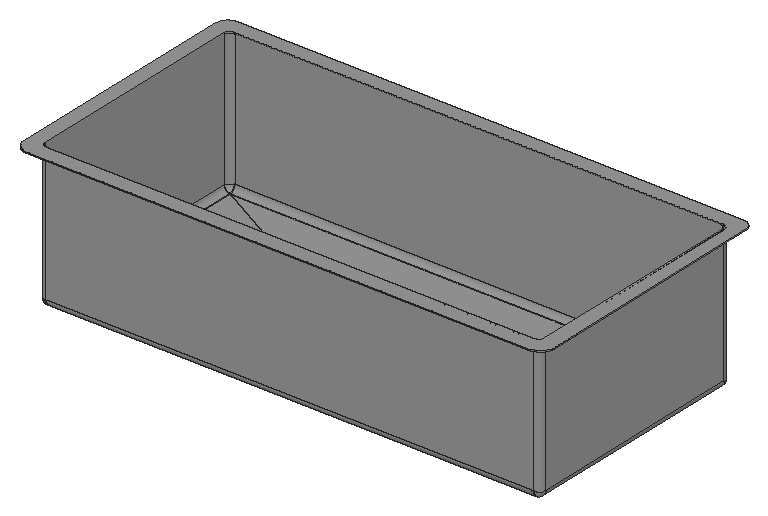
Revit family "BUILDMAT-SNGM017-Seville-900-Gunmetal", category Plumbing Fixtures, host Face, Revit 2020
Family settings
  Host = Face
  Round Connector Dimension = Use Diameter
  Part Type = Normal
  Cut with Voids When Loaded = No
  Shared = No
  Room Calculation Point = No
Parameters (values of type "Seville 900x450x250mm")
  Width = 850.0 mm
  Undermount [instance] = 0.0 mm
  URL = "https://www.buildmat.com.au/products/900x450x250-single-bowl-sink"
  Side Sound Pad = yes
  Side Brackets = yes
  Model = "SNA01017"  # constant formula
  Middle Sound Pad = no
  Middle Bracket = yes
  Manufacturer URL = "https://www.buildmat.com.au/"
  Manufacturer = "BUILDMAT"  # constant formula
  Length = 400.0 mm
  Description = "BUILDMAT - Seville 900x450 XXLarge Single Bowl Sink"  # constant formula
  Depth = 250.0 mm
  Default Elevation = 1219.2 mm
  Created By URL = "https://www.buildmat.com.au/"
  Created By = "BUILDMAT"  # constant formula
  Created = "22.06.2022"  # constant formula
  Material = BUILDMAT Gunmetal
Reference planes
  plane 1 "Center (Front/Back)": y = 0
  plane 2: z = 0
  plane 3 "Center (Left/Right)": x = 0
  plane 4 "Top Substrate": z = 0
  plane 5 "Left": x = -425
  plane 6 "Right": x = 425
  plane 7 "Back": y = 200
  plane 8 "Front": y = -200
  plane 9: x = -450
  plane 10: x = 450
  plane 11: y = -225
  plane 12: y = 225
  plane 13 "Bottom Void": z = -250
  plane 14: z = 1.5
  plane 15: x = -426.5
  plane 16: y = -201.5
  plane 17: x = 426.5
  plane 18: y = 201.5
  plane 19: z = -240
  plane 20: z = -230
  plane 21: x = -415
  plane 22: x = 415
  plane 23: y = -190
  plane 24: y = 190
  plane 25: z = -245
  plane 26: z = -241.5
  plane 27: z = -246.5
  plane 28: x = -100
  plane 29: x = 100
  plane 30 "Sound Pad": z = -130
  plane 31 "Front Bracket": y = -100
  plane 32 "Back Bracket": y = 100
  plane 33: x = -325
  plane 34: x = 325
  plane 35: x = -57
  plane 36: x = 57
  plane 37: x = -45
  plane 38: x = 45
Forms (mm)
  Extrusion 1, void
    sketch origin (0, 0, 0) x (1, 0, 0) y (0, 1, 0)
      loop
        arc (-415, 200) -> (-422.071, 197.071) -> (-425, 190) r 10
        line (-425, 190) -> (-425, -190)
        arc (-425, -190) -> (-422.071, -197.071) -> (-415, -200) r 10
        line (-415, -200) -> (415, -200)
        arc (415, -200) -> (422.071, -197.071) -> (425, -190) r 10
        line (425, -190) -> (425, 190)
        arc (425, 190) -> (422.071, 197.071) -> (415, 200) r 10
        line (415, 200) -> (-415, 200)
    from 0 to 1.5
  Extrusion 2, void
    sketch origin (0, 0, 0) x (1, 0, 0) y (0, 1, 0)
      loop
        line (-426.5, 201.5) -> (-426.5, -201.5) -> (426.5, -201.5) -> (426.5, 201.5) -> (-426.5, 201.5)
    from 0 to -250
  Extrusion 3, void
    sketch origin (0, 0, 0) x (1, 0, 0) y (0, 1, 0)
      loop
        arc (-430, 225) -> (-444.142, 219.142) -> (-450, 205) r 20
        line (-450, 205) -> (-450, -205)
        arc (-450, -205) -> (-444.142, -219.142) -> (-430, -225) r 20
        line (-430, -225) -> (430, -225)
        arc (430, -225) -> (444.142, -219.142) -> (450, -205) r 20
        line (450, -205) -> (450, 205)
        arc (450, 205) -> (444.142, 219.142) -> (430, 225) r 20
        line (430, 225) -> (-430, 225)
    from 1.5 to 0
  Extrusion 4, solid, material "BUILDMAT Gunmetal" <- "Material"
    sketch origin (0, 0, 0) x (-1, 0, 0) y (0, -1, 0)
      loop
        arc (430, -225) -> (444.142, -219.142) -> (450, -205) r 20
        line (450, -205) -> (450, 205)
        arc (450, 205) -> (444.142, 219.142) -> (430, 225) r 20
        line (430, 225) -> (-430, 225)
        arc (-430, 225) -> (-444.142, 219.142) -> (-450, 205) r 20
        line (-450, 205) -> (-450, -205)
        arc (-450, -205) -> (-444.142, -219.142) -> (-430, -225) r 20
        line (-430, -225) -> (430, -225)
      loop
        arc (415, -200) -> (422.071, -197.071) -> (425, -190) r 10
        line (425, -190) -> (425, 190)
        arc (425, 190) -> (422.071, 197.071) -> (415, 200) r 10
        line (415, 200) -> (-415, 200)
        arc (-415, 200) -> (-422.071, 197.071) -> (-425, 190) r 10
        line (-425, 190) -> (-425, -190)
        arc (-425, -190) -> (-422.071, -197.071) -> (-415, -200) r 10
        line (-415, -200) -> (415, -200)
    from 0 to 1.5
  Extrusion 5, solid, material "BUILDMAT Gunmetal" <- "Material"
    sketch origin (0, 0, 0) x (-1, 0, 0) y (0, -1, 0)
      loop
        arc (415, -201.5) -> (423.132, -198.132) -> (426.5, -190) r 11.5
        line (426.5, -190) -> (426.5, 190)
        arc (426.5, 190) -> (423.132, 198.132) -> (415, 201.5) r 11.5
        line (415, 201.5) -> (-415, 201.5)
        arc (-415, 201.5) -> (-423.132, 198.132) -> (-426.5, 190) r 11.5
        line (-426.5, 190) -> (-426.5, -190)
        arc (-426.5, -190) -> (-423.132, -198.132) -> (-415, -201.5) r 11.5
        line (-415, -201.5) -> (415, -201.5)
      loop
        arc (-415, 200) -> (-422.071, 197.071) -> (-425, 190) r 10
        line (-425, 190) -> (-425, -190)
        arc (-425, -190) -> (-422.071, -197.071) -> (-415, -200) r 10
        line (-415, -200) -> (415, -200)
        arc (415, -200) -> (422.071, -197.071) -> (425, -190) r 10
        line (425, -190) -> (425, 190)
        arc (425, 190) -> (422.071, 197.071) -> (415, 200) r 10
        line (415, 200) -> (-415, 200)
    from 0 to -230
  Revolve 6, solid, material "BUILDMAT Gunmetal" <- "Material"
    sketch origin (-175.162, 190, 1219.2) x (-1, 0, 0) y (0, 0, 1)
      loop
        line (-600.162, -1449.2) -> (-601.662, -1449.2)
        arc (-601.662, -1449.2) -> (-598.293, -1457.332) -> (-590.162, -1460.7) r 11.5
        line (-590.162, -1460.7) -> (-590.162, -1459.2)
        arc (-590.162, -1459.2) -> (-597.233, -1456.271) -> (-600.162, -1449.2) r 10
      axis (-590.162, -1460.7) -> (-590.162, -1449.2)
    angle from 0 to -90
  Revolve 7, solid, material "BUILDMAT Gunmetal" <- "Material"
    sketch origin (-175.162, 190, 1219.2) x (-1, 0, 0) y (0, 0, 1)
      loop
        arc (249.838, -1449.2) -> (246.909, -1456.271) -> (239.838, -1459.2) r 10
        line (239.838, -1459.2) -> (239.838, -1460.7)
        arc (239.838, -1460.7) -> (247.97, -1457.332) -> (251.338, -1449.2) r 11.5
        line (251.338, -1449.2) -> (249.838, -1449.2)
      axis (239.838, -1449.2) -> (239.838, -1460.7)
    angle from 0 to -90
  Revolve 8, solid, material "BUILDMAT Gunmetal" <- "Material"
    sketch origin (-175.162, -190, 1219.2) x (-1, 0, 0) y (0, 0, 1)
      loop
        arc (249.838, -1449.2) -> (246.909, -1456.271) -> (239.838, -1459.2) r 10
        line (239.838, -1459.2) -> (239.838, -1460.7)
        arc (239.838, -1460.7) -> (247.97, -1457.332) -> (251.338, -1449.2) r 11.5
        line (251.338, -1449.2) -> (249.838, -1449.2)
      axis (239.838, -1449.2) -> (239.838, -1460.7)
    angle from 0 to 90
  Revolve 9, solid, material "BUILDMAT Gunmetal" <- "Material"
    sketch origin (-175.162, -190, 1219.2) x (-1, 0, 0) y (0, 0, 1)
      loop
        line (-600.162, -1449.2) -> (-601.662, -1449.2)
        arc (-601.662, -1449.2) -> (-598.293, -1457.332) -> (-590.162, -1460.7) r 11.5
        line (-590.162, -1460.7) -> (-590.162, -1459.2)
        arc (-590.162, -1459.2) -> (-597.233, -1456.271) -> (-600.162, -1449.2) r 10
      axis (-590.162, -1449.2) -> (-590.162, -1460.7)
    angle from 0 to 90
  Extrusion 10, solid, material "BUILDMAT Gunmetal" <- "Material"
    sketch origin (0, 0, 0) x (1, 0, 0) y (0, 0, 1)
      loop
        line (-425, -230) -> (-426.5, -230)
        arc (-426.5, -230) -> (-423.132, -238.132) -> (-415, -241.5) r 11.5
        line (-415, -241.5) -> (-415, -240)
        arc (-415, -240) -> (-422.071, -237.071) -> (-425, -230) r 10
    from -190 to 190
  Extrusion 11, solid, material "BUILDMAT Gunmetal" <- "Material"
    sketch origin (0, 0, 0) x (1, 0, 0) y (0, 0, 1)
      loop
        arc (425, -230) -> (422.071, -237.071) -> (415, -240) r 10
        line (415, -240) -> (415, -241.5)
        arc (415, -241.5) -> (423.132, -238.132) -> (426.5, -230) r 11.5
        line (426.5, -230) -> (425, -230)
    from -190 to 190
  Extrusion 12, solid, material "BUILDMAT Gunmetal" <- "Material"
    sketch origin (0, 0, 0) x (0, 1, 0) y (0, 0, 1)
      loop
        arc (200, -230) -> (197.071, -237.071) -> (190, -240) r 10
        line (190, -240) -> (190, -241.5)
        arc (190, -241.5) -> (198.132, -238.132) -> (201.5, -230) r 11.5
        line (201.5, -230) -> (200, -230)
    from -415 to 415
  Extrusion 13, solid, material "BUILDMAT Gunmetal" <- "Material"
    sketch origin (0, 0, 0) x (0, 1, 0) y (0, 0, 1)
      loop
        line (-200, -230) -> (-201.5, -230)
        arc (-201.5, -230) -> (-198.132, -238.132) -> (-190, -241.5) r 11.5
        line (-190, -241.5) -> (-190, -240)
        arc (-190, -240) -> (-197.071, -237.071) -> (-200, -230) r 10
    from -415 to 415
  Revolve 14, solid, material "BUILDMAT Gunmetal" <- "Material"
    sketch origin (0, 0, 0) x (1, 0, 0) y (0, 0, 1)
      loop
        line (-45, -250) -> (-45, -248.5)
        spline (-45, -248.5) -> (-46.484, -248.459) -> (-47.939, -248.339) -> (-49.337, -248.141) -> (-50.649, -247.871) -> (-51.848, -247.537) -> (-52.908, -247.151) -> (-53.805, -246.726) -> (-54.514, -246.283) -> (-55.023, -245.856) -> (-55.329, -245.483) -> (-55.468, -245.202) -> (-55.5, -245)
        line (-55.5, -245) -> (-57, -245)
        spline (-57, -245) -> (-56.897, -245.653) -> (-56.591, -246.294) -> (-56.087, -246.913) -> (-55.392, -247.5) -> (-54.52, -248.044) -> (-53.485, -248.536) -> (-52.305, -248.967) -> (-51, -249.33) -> (-49.592, -249.619) -> (-48.106, -249.83) -> (-46.566, -249.957) -> (-45, -250)
      axis (0, -245) -> (0, -250)
    angle from 0 to 360
  Blend 15, solid, material "BUILDMAT Gunmetal" <- "Material"
    base sketch origin (0, 0, 0) x (-1, 0, 0) y (0, -1, 0)
      loop
        circle (0, 0) r 57
    top sketch origin (0, 0, 0) x (-1, 0, 0) y (0, -1, 0)
      loop
        line (415, -190) -> (415, 190) -> (-415, 190) -> (-415, -190) -> (415, -190)
    from -246.5 to -241.5
  Blend 16, void
    base sketch origin (0, 0, 0) x (-1, 0, 0) y (0, -1, 0)
      loop
        circle (0, 0) r 57
    top sketch origin (0, 0, 0) x (-1, 0, 0) y (0, -1, 0)
      loop
        line (415, -190) -> (415, 190) -> (-415, 190) -> (-415, -190) -> (415, -190)
    from -245 to -240
  Extrusion 17, solid, material "BUILDMAT Gunmetal" <- "Material"
    sketch origin (0, 0, 0) x (-1, 0, 0) y (0, -1, 0)
      loop
        line (415, -190) -> (415, 190) -> (-415, 190) -> (-415, -190) -> (415, -190)
    from -241.5 to -240
  Extrusion 18, void
    sketch origin (0, 0, 0) x (-1, 0, 0) y (0, -1, 0)
      loop
        circle (0, 0) r 57
    from -250 to -230
Cuts and joins
  joined: Extrusion 4, Extrusion 5
  joined: Revolve 6, Revolve 9
  joined: Revolve 7, Revolve 8
  Blend 16, Extrusion 18 cuts Blend 15
  Blend 16, Extrusion 18 cuts Extrusion 17
  joined: Blend 15, Extrusion 17
Lines and regions (mm)
  Masking region 1
    outline origin (0, 0, 0) x (1, 0, 0) y (0, 0, 1)
      loop
        line (425, 0) -> (-425, 0) -> (-425, -230)
        arc (-425, -230) -> (-422.071, -237.071) -> (-415, -240) r 10
        line (-415, -240) -> (-57, -245) -> (57, -245) -> (415, -240)
        arc (415, -240) -> (422.071, -237.071) -> (425, -230) r 10
        line (425, -230) -> (425, 0)
  Masking region 2
    outline origin (0, 0, 0) x (1, 0, 0) y (0, 0, 1)
      loop
        line (-100, -245.899) -> (-100, -250) -> (-57, -250) -> (-57, -246.5) -> (-100, -245.899)
  Masking region 3
    outline origin (0, 0, 0) x (1, 0, 0) y (0, 0, 1)
      loop
        line (57, -246.5) -> (57, -250) -> (100, -250) -> (100, -245.899) -> (57, -246.5)
Text (mm)
  text "Refer to www.buildmat.com.au for the most current product literature. \nAllow a +/- 5mm tolerance for dimensions shown in the product literature. \nPlease note product details are subject to change due to ongoing product development." at (0.056, -1035.857, 0), in view "Ref. Level"
Dimensions and locks
  "Undermount": plane 2 to plane 4 "Top Substrate"
  equal spacing: plane 5 "Left", plane 3 "Center (Left/Right)", plane 6 "Right"
  "Width": plane 5 "Left" to plane 6 "Right"
  "Length": plane 7 "Back" to plane 8 "Front"
  equal spacing: plane 7 "Back", plane 1 "Center (Front/Back)", plane 8 "Front"
  locked: plane 12 to plane 7 "Back" at 25
  locked: plane 8 "Front" to plane 11 at 25
  locked: plane 9 to plane 5 "Left" at 25
  locked: plane 6 "Right" to plane 10 at 25
  "Depth": plane 4 "Top Substrate" to plane 13 "Bottom Void"
  locked: plane 14 to plane 4 "Top Substrate" at 1.5
  locked: plane 18 to plane 7 "Back" at 1.5
  locked: plane 8 "Front" to plane 16 at 1.5
  plane 15 to plane 5 "Left" = 1.5 mm
  plane 6 "Right" to plane 17 = 1.5 mm
  plane 20 to plane 19 to plane 13 "Bottom Void" = 10.0 mm, 10.0 mm
  locked: plane 5 "Left" to plane 21 at 10
  locked: plane 22 to plane 6 "Right" at 10
  locked: plane 7 "Back" to plane 24 at 10
  locked: plane 23 to plane 8 "Front" at 10
  locked: plane 19 to plane 26 at 1.5
  locked: plane 25 to plane 13 "Bottom Void" at 5
  locked: plane 25 to plane 27 at 1.5
  plane 29 to plane 3 "Center (Left/Right)" to plane 28 = 100.0 mm locked, 100.0 mm locked
  locked: plane 30 "Sound Pad" to plane 13 "Bottom Void" at 120
  locked: plane 7 "Back" to plane 32 "Back Bracket" at 100
  locked: plane 31 "Front Bracket" to plane 8 "Front" at 100
  locked: plane 33 to plane 5 "Left" at 100
  locked: plane 6 "Right" to plane 34 at 100
  equal spacing: plane 3 "Center (Left/Right)", nested 15, plane 33
  equal spacing: plane 34, nested 16, plane 3 "Center (Left/Right)"
  plane 37 to plane 3 "Center (Left/Right)" to plane 38 = 45.0 mm locked, 45.0 mm locked
  plane 35 to plane 3 "Center (Left/Right)" to plane 36 = 57.0 mm locked, 57.0 mm locked
  aligned and locked: plane 2 to host face
  aligned and locked: level to host face
  aligned and locked: plane 8 "Front" to Extrusion 1 sketch curve
  aligned and locked: Extrusion 1 sketch curve to plane 7 "Back"
  aligned and locked: plane 5 "Left" to Extrusion 1 sketch curve
  aligned and locked: Extrusion 1 sketch curve to plane 6 "Right"
  aligned and locked: plane 2 to Extrusion 1
  aligned and locked: plane 14 to Extrusion 1
  aligned and locked: Extrusion 2 sketch curve to plane 16
  aligned and locked: Extrusion 2 sketch curve to plane 18
  aligned and locked: plane 15 to Extrusion 2 sketch curve
  aligned and locked: plane 17 to Extrusion 2 sketch curve
  aligned and locked: Extrusion 2 to plane 13 "Bottom Void"
  aligned and locked: plane 4 "Top Substrate" to Extrusion 2
  aligned and locked: Extrusion 3 sketch curve to plane 11
  aligned and locked: plane 9 to Extrusion 3 sketch curve
  aligned and locked: Extrusion 3 sketch curve to plane 10
  aligned and locked: Extrusion 3 sketch curve to plane 12
  aligned and locked: Extrusion 3 to plane 4 "Top Substrate"
  aligned and locked: Extrusion 3 to plane 14
  aligned and locked: Extrusion 4 sketch curve to plane 11
  aligned and locked: Extrusion 4 sketch curve to plane 12
  aligned and locked: plane 9 to Extrusion 4 sketch curve
  aligned and locked: Extrusion 4 sketch curve to plane 10
  aligned and locked: plane 5 "Left" to Extrusion 4 sketch curve
  aligned and locked: Extrusion 4 sketch curve to plane 6 "Right"
  aligned and locked: Extrusion 4 sketch curve to plane 7 "Back"
  aligned and locked: plane 8 "Front" to Extrusion 4 sketch curve
  aligned and locked: Extrusion 5 sketch curve to plane 7 "Back"
  aligned and locked: plane 5 "Left" to Extrusion 5 sketch curve
  aligned and locked: Extrusion 5 sketch curve to plane 6 "Right"
  aligned and locked: plane 8 "Front" to Extrusion 5 sketch curve
  aligned and locked: plane 15 to Extrusion 5 sketch curve
  aligned and locked: Extrusion 5 sketch curve to plane 16
  aligned and locked: plane 17 to Extrusion 5 sketch curve
  aligned and locked: Extrusion 5 sketch curve to plane 18
  aligned and locked: Extrusion 5 to plane 20
  aligned and locked: plane 4 "Top Substrate" to Extrusion 5
  aligned and locked: Extrusion 11 to plane 23
  aligned and locked: plane 24 to Extrusion 11
  aligned and locked: plane 24 to Extrusion 10
  aligned and locked: Extrusion 10 to plane 23
  aligned and locked: Extrusion 13 to plane 21
  aligned and locked: plane 22 to Extrusion 13
  aligned and locked: plane 22 to Extrusion 12
  aligned and locked: Extrusion 12 to plane 21
  aligned and locked: plane 21 to Blend 15 sketch curve
  aligned and locked: Blend 15 sketch curve to plane 22
  aligned and locked: Blend 15 sketch curve to plane 23
  aligned and locked: Blend 15 sketch curve to plane 24
  aligned and locked: plane 27 to Blend 15
  aligned and locked: Blend 15 to plane 26
  aligned and locked: Blend 16 sketch curve to plane 24
  aligned and locked: plane 21 to Blend 16 sketch curve
  aligned and locked: Blend 16 sketch curve to plane 22
  aligned and locked: Blend 16 sketch curve to plane 23
  aligned and locked: Blend 16 to plane 25
  aligned and locked: Blend 16 to plane 19
  aligned and locked: Extrusion 17 sketch curve to plane 24
  aligned and locked: Extrusion 17 sketch curve to plane 23
  aligned and locked: plane 21 to Extrusion 17 sketch curve
  aligned and locked: Extrusion 17 sketch curve to plane 22
  aligned and locked: Extrusion 17 to plane 26
  aligned and locked: Extrusion 17 to plane 19
  aligned and locked: Extrusion 18 to plane 13 "Bottom Void"
  aligned and locked: plane 20 to Extrusion 18
  aligned and locked: cut or joined group of Blend 15, Blend 16, Extrusion 17, Extrusion 18 to Masking region 2 sketch curve
  aligned and locked: Masking region 3 sketch curve to cut or joined group of Blend 15, Blend 16, Extrusion 17, Extrusion 18
  aligned and locked: plane 3 "Center (Left/Right)" to nested 1
  aligned and locked: nested 1 to plane 4 "Top Substrate"
  aligned and locked: plane 3 "Center (Left/Right)" to nested 2
  aligned and locked: nested 2 to plane 30 "Sound Pad"
  aligned and locked: nested 3 to plane 18
  aligned and locked: plane 3 "Center (Left/Right)" to nested 3
  aligned and locked: plane 16 to nested 4
  aligned and locked: nested 4 to plane 3 "Center (Left/Right)"
  aligned and locked: plane 31 "Front Bracket" to nested 6
  aligned and locked: plane 15 to nested 6
  aligned and locked: plane 31 "Front Bracket" to nested 8
  aligned and locked: plane 17 to nested 8
  aligned and locked: plane 32 "Back Bracket" to nested 7
  aligned and locked: plane 17 to nested 7
  aligned and locked: plane 32 "Back Bracket" to nested 5
  aligned and locked: plane 15 to nested 5
  aligned and locked: nested 9 to plane 4 "Top Substrate"
  aligned and locked: nested 9 to plane 33
  aligned and locked: nested 10 to plane 4 "Top Substrate"
  aligned and locked: nested 10 to plane 34
  aligned and locked: nested 13 to plane 33
  aligned and locked: nested 14 to plane 34
  aligned and locked: plane 16 to nested 13
  aligned and locked: nested 14 to plane 16
  aligned and locked: plane 33 to nested 11
  aligned and locked: nested 11 to plane 18
  aligned and locked: plane 34 to nested 12
  aligned and locked: plane 18 to nested 12
  aligned and locked: nested 15 to plane 30 "Sound Pad"
  aligned and locked: nested 16 to plane 30 "Sound Pad"
  aligned and locked: nested 17 to plane 23
  aligned and locked: nested 17 to plane 24
  aligned and locked: plane 22 to nested 17
  aligned and locked: plane 21 to nested 17
  aligned and locked: plane 3 "Center (Left/Right)" to nested 18
  aligned and locked: plane 1 "Center (Front/Back)" to nested 18
  aligned and locked: plane 4 "Top Substrate" to Masking region 1
Automatic sketch dimensions
  host sketch curve to host sketch curve = 2438.4 mm  (x2)
  plane 5 "Left" to Extrusion 1 sketch curve = 10.0 mm  (x2)
  Extrusion 1 sketch curve to plane 6 "Right" = 10.0 mm  (x2)
  Extrusion 4 sketch curve to plane 10 = 20.0 mm  (x2)
  Extrusion 4 sketch curve to Extrusion 4 sketch curve = 10.0 mm  (x2)
  plane 5 "Left" to Extrusion 4 sketch curve = 10.0 mm
  plane 9 to Extrusion 4 sketch curve = 20.0 mm
  plane 8 "Front" to Extrusion 4 sketch curve = 10.0 mm
  plane 11 to Extrusion 4 sketch curve = 20.0 mm
  Extrusion 3 sketch curve to plane 5 "Left" = 5.0 mm
  plane 6 "Right" to Extrusion 3 sketch curve = 5.0 mm  (x2)
  plane 7 "Back" to Extrusion 3 sketch curve = 5.0 mm
  plane 5 "Left" to Extrusion 5 sketch curve = 10.0 mm
  Extrusion 5 sketch curve to plane 6 "Right" = 10.0 mm
  plane 8 "Front" to Extrusion 5 sketch curve = 10.0 mm
  Extrusion 5 sketch curve to plane 7 "Back" = 10.0 mm
  Extrusion 5 sketch curve to Extrusion 5 sketch curve = 0.0 mm  (x4)
  Revolve 6 sketch curve to Revolve 6 sketch curve = 0.0 mm  (x3)
  plane 17 to Revolve 6 sketch curve = 0.0 mm
  Revolve 6 sketch curve to plane 6 "Right" = 0.0 mm
  Revolve 6 sketch curve to plane 22 = 0.0 mm  (x2)
  Revolve 6 sketch curve to plane 19 = 0.0 mm
  Revolve 6 sketch curve to plane 20 = 0.0 mm
  Revolve 7 sketch curve to Revolve 7 sketch curve = 0.0 mm  (x3)
  Revolve 7 sketch curve to plane 20 = 0.0 mm  (x2)
  Revolve 7 sketch curve to plane 21 = 0.0 mm  (x2)
  Revolve 7 sketch curve to plane 5 "Left" = 0.0 mm
  Revolve 7 sketch curve to plane 15 = 0.0 mm
  Revolve 8 sketch curve to Revolve 8 sketch curve = 0.0 mm  (x3)
  Revolve 8 sketch curve to plane 20 = 0.0 mm  (x2)
  Revolve 8 sketch curve to plane 21 = 0.0 mm  (x2)
  Revolve 8 sketch curve to plane 5 "Left" = 0.0 mm
  Revolve 8 sketch curve to plane 15 = 0.0 mm
  Revolve 9 sketch curve to Revolve 9 sketch curve = 0.0 mm  (x3)
  plane 17 to Revolve 9 sketch curve = 0.0 mm
  Revolve 9 sketch curve to plane 6 "Right" = 0.0 mm
  Revolve 9 sketch curve to plane 22 = 0.0 mm  (x2)
  Revolve 9 sketch curve to plane 20 = 0.0 mm
  Revolve 9 sketch curve to plane 19 = 0.0 mm
  Extrusion 10 sketch curve to plane 15 = 0.0 mm
  Extrusion 10 sketch curve to plane 5 "Left" = 0.0 mm
  Extrusion 10 sketch curve to plane 19 = 0.0 mm
  Extrusion 10 sketch curve to plane 21 = 0.0 mm
  Extrusion 11 sketch curve to plane 20 = 0.0 mm
  Extrusion 11 sketch curve to plane 22 = 0.0 mm
  Extrusion 11 sketch curve to plane 6 "Right" = 0.0 mm
  plane 17 to Extrusion 11 sketch curve = 0.0 mm
  Extrusion 12 sketch curve to plane 20 = 0.0 mm
  Extrusion 12 sketch curve to plane 24 = 0.0 mm
  Extrusion 12 sketch curve to plane 7 "Back" = 0.0 mm
  Extrusion 12 sketch curve to plane 18 = 0.0 mm
  Extrusion 13 sketch curve to plane 16 = 0.0 mm
  Extrusion 13 sketch curve to plane 8 "Front" = 0.0 mm
  Extrusion 13 sketch curve to plane 23 = 0.0 mm
  Extrusion 13 sketch curve to plane 19 = 0.0 mm
  Revolve 14 sketch curve to plane 25 = 0.0 mm
  Revolve 14 sketch curve to plane 13 "Bottom Void" = 0.0 mm  (x2)
  Revolve 14 sketch curve to plane 3 "Center (Left/Right)" = 0.0 mm
  Revolve 14 sketch curve to plane 20 = 0.0 mm
  Revolve 14 sketch curve to plane 3 "Center (Left/Right)" = 45.0 mm
  Revolve 14 sketch curve to Revolve 14 sketch curve = 10.5 mm
  Revolve 14 sketch curve to Revolve 14 sketch curve = 1.5 mm  (x2)
  Revolve 14 sketch curve to Revolve 14 sketch curve = 0.0 mm
  plane 1 "Center (Front/Back)" to Blend 15 sketch curve = 0.0 mm
  Blend 15 sketch curve to plane 3 "Center (Left/Right)" = 0.0 mm
  plane 1 "Center (Front/Back)" to Blend 16 sketch curve = 0.0 mm
  Blend 16 sketch curve to plane 3 "Center (Left/Right)" = 0.0 mm
  plane 1 "Center (Front/Back)" to Extrusion 18 sketch curve = 0.0 mm
  Extrusion 18 sketch curve to plane 3 "Center (Left/Right)" = 0.0 mm
  Masking region 1 sketch curve to level = 0.0 mm
  Masking region 1 sketch curve to plane 20 = 0.0 mm
  Masking region 1 sketch curve to plane 21 = 0.0 mm
  Masking region 1 sketch curve to plane 25 = 0.0 mm
  Masking region 1 sketch curve to plane 3 "Center (Left/Right)" = 57.0 mm
  plane 3 "Center (Left/Right)" to Masking region 1 sketch curve = 57.0 mm
  Masking region 1 sketch curve to plane 19 = 0.0 mm
  Masking region 1 sketch curve to plane 22 = 0.0 mm
  Masking region 1 sketch curve to plane 6 "Right" = 0.0 mm
  Masking region 1 sketch curve to plane 5 "Left" = 0.0 mm
  Masking region 2 sketch curve to plane 28 = 0.0 mm
  Masking region 2 sketch curve to plane 13 "Bottom Void" = 0.0 mm
  Masking region 2 sketch curve to plane 27 = 0.0 mm
  Masking region 3 sketch curve to plane 27 = 0.0 mm
  Masking region 3 sketch curve to plane 13 "Bottom Void" = 0.0 mm
  Masking region 3 sketch curve to plane 29 = 0.0 mm
  radius of Blend 15 sketch curve = 57.0 mm
  radius of Blend 16 sketch curve = 57.0 mm
  radius of Extrusion 18 sketch curve = 57.0 mm
Nested families
  nested 1: "TMB_Front" at (0, 0, 0) x (1, 0, 0) z (0, -1, 0), visible <- "Middle Bracket", type "TMB_Front"
  nested 2: "SP_Front" at (0, 0, -130) x (1, 0, 0) z (0, -1, 0), visible <- "Middle Sound Pad", type "SP_Front"
  nested 3: "TMB_Plan" at (0, 201.5, 0), visible <- "Middle Bracket", type "TMB_Plan"
  nested 4: "TMB_Plan" at (0, -201.5, 0) x (-1, 0, 0) z (0, 0, 1), visible <- "Middle Bracket", type "TMB_Plan"
  nested 5: "TMB_Plan" at (-426.5, 100, 0) x (0, 1, 0) z (0, 0, 1), type "TMB_Plan"
  nested 6: "TMB_Plan" at (-426.5, -100, 0) x (0, 1, 0) z (0, 0, 1), type "TMB_Plan"
  nested 7: "TMB_Plan" at (426.5, 100, 0) x (0, -1, 0) z (0, 0, 1), type "TMB_Plan"
  nested 8: "TMB_Plan" at (426.5, -100, 0) x (0, -1, 0) z (0, 0, 1), type "TMB_Plan"
  nested 9: "TMB_Front" at (-325, 0, 0) x (1, 0, 0) z (0, -1, 0), visible <- "Side Brackets", type "TMB_Front"
  nested 10: "TMB_Front" at (325, 0, 0) x (1, 0, 0) z (0, -1, 0), visible <- "Side Brackets", type "TMB_Front"
  nested 11: "TMB_Plan" at (-325, 201.5, 0), visible <- "Side Brackets", type "TMB_Plan"
  nested 12: "TMB_Plan" at (325, 201.5, 0), visible <- "Side Brackets", type "TMB_Plan"
  nested 13: "TMB_Plan" at (-325, -201.5, 0) x (-1, 0, 0) z (0, 0, 1), visible <- "Side Brackets", type "TMB_Plan"
  nested 14: "TMB_Plan" at (325, -201.5, 0) x (-1, 0, 0) z (0, 0, 1), visible <- "Side Brackets", type "TMB_Plan"
  nested 15: "SP_Front" at (-162.5, 0, -130) x (1, 0, 0) z (0, -1, 0), visible <- "Side Sound Pad", type "SP_Front"
  nested 16: "SP_Front" at (162.5, 0, -130) x (1, 0, 0) z (0, -1, 0), visible <- "Side Sound Pad", type "SP_Front"
  nested 17: "BOWL Plan" at (0, 0, -130), type "BOWL Plan"
    with Width 830.0 mm, Lenght 380.0 mm
  nested 18: "DRAIN" at (0, 0, 0), type "DRAIN"
Definition of nested family "TMB_Front"
  Reference planes
    plane 1 "Center (Elevation)": y = 0
    plane 2: z = 0
    plane 3 "Center (Left/Right)": x = 0
  Lines and regions (mm)
    Masking region 1, in view "Ref. Level"
      outline origin (0, 0, 0) x (1, 0, 0) y (0, 1, 0)
        loop
          line (-17.5, 0) -> (-17.5, -80) -> (17.5, -80) -> (17.5, 0) -> (-17.5, 0)
    detail lines, in view "Ref. Level"
      curve 1: line (-17.5, 0, 0) -> (-17.5, -80, 0)
      curve 2: line (-17.5, -80, 0) -> (17.5, -80, 0)
      curve 3: line (17.5, -80, 0) -> (17.5, 0, 0)
      curve 4: line (-12.5, -50, 0) -> (12.5, -50, 0)
      curve 5: line (-12.5, -75, 0) -> (-12.5, -50, 0)
      curve 6: line (12.5, -75, 0) -> (-12.5, -75, 0)
      curve 7: line (12.5, -50, 0) -> (12.5, -75, 0)
Definition of nested family "SP_Front"
  Reference planes
    plane 1 "Center (Elevation)": y = 0
    plane 2: z = 0
    plane 3 "Center (Left/Right)": x = 0
  Lines and regions (mm)
    Masking region 1, in view "Ref. Level"
      outline origin (0, 0, 0) x (1, 0, 0) y (0, 1, 0)
        loop
          arc (-50, 40) -> (-57.071, 37.071) -> (-60, 30) r 10
          line (-60, 30) -> (-60, -30)
          arc (-60, -30) -> (-57.071, -37.071) -> (-50, -40) r 10
          line (-50, -40) -> (50, -40)
          arc (50, -40) -> (57.071, -37.071) -> (60, -30) r 10
          line (60, -30) -> (60, 30)
          arc (60, 30) -> (57.071, 37.071) -> (50, 40) r 10
          line (50, 40) -> (-50, 40)
    detail lines, in view "Ref. Level"
      curve 1: line (-50, 40, 0) -> (50, 40, 0)
      curve 2: line (50, -40, 0) -> (-50, -40, 0)
      curve 3: line (60, 30, 0) -> (60, -30, 0)
      curve 4: line (-60, 30, 0) -> (-60, -30, 0)
      curve 5: arc (-50, 40, 0) -> (-57.071, 37.071, 0) -> (-60, 30, 0) r 10
      curve 6: arc (-60, -30, 0) -> (-57.071, -37.071, 0) -> (-50, -40, 0) r 10
      curve 7: arc (50, -40, 0) -> (57.071, -37.071, 0) -> (60, -30, 0) r 10
      curve 8: arc (60, 30, 0) -> (57.071, 37.071, 0) -> (50, 40, 0) r 10
  Dimensions and locks
    aligned and locked: Masking region 1 sketch curve to curve 1
    aligned and locked: Masking region 1 sketch curve to curve 4
    aligned and locked: Masking region 1 sketch curve to curve 2
    aligned and locked: Masking region 1 sketch curve to curve 3
Definition of nested family "TMB_Plan"
  Reference planes
    plane 1 "Center (Front/Back)": y = 0
    plane 2: z = 0
    plane 3 "Center (Left/Right)": x = 0
  Lines and regions (mm)
    detail lines, in view "Ref. Level"
      curve 1: line (-17.5, 0, 0) -> (17.5, 0, 0)
      curve 2: line (17.5, 0, 0) -> (17.5, 5, 0)
      curve 3: line (17.5, 5, 0) -> (12.5, 5, 0)
      curve 4: line (-17.5, 0, 0) -> (-17.5, 5, 0)
      curve 5: line (-17.5, 5, 0) -> (-12.5, 5, 0)
Definition of nested family "BOWL Plan"
  Parameters (values of type "BOWL Plan")
    Width [instance] = 600.0 mm
    Lenght [instance] = 400.0 mm
  Reference planes
    plane 1 "Center (Front/Back)": y = 0
    plane 2: z = 0
    plane 3 "Center (Left/Right)": x = 0
    plane 4 "Left": x = -300
    plane 5 "Right": x = 300
    plane 6 "Back": y = 200
    plane 7 "Front": y = -200
  Lines and regions (mm)
    Masking region 1, in view "Ref. Level"
      outline origin (0, 0, 0) x (1, 0, 0) y (0, 1, 0)
        loop
          line (-300, 200) -> (-300, -200) -> (300, -200) -> (300, 200) -> (-300, 200)
    detail lines, in view "Ref. Level"
      curve 1: line (-300, 200, 0) -> (300, -200, 0)
      curve 2: line (-300, -200, 0) -> (300, 200, 0)
  Dimensions and locks
    equal spacing: plane 6 "Back", plane 1 "Center (Front/Back)", plane 7 "Front"
    "Lenght": plane 6 "Back" to plane 7 "Front"
    equal spacing: plane 4 "Left", plane 3 "Center (Left/Right)", plane 5 "Right"
    "Width": plane 4 "Left" to plane 5 "Right"
    aligned and locked: plane 4 "Left" to Masking region 1 sketch curve
    aligned and locked: Masking region 1 sketch curve to plane 5 "Right"
    aligned and locked: plane 7 "Front" to Masking region 1 sketch curve
    aligned and locked: Masking region 1 sketch curve to plane 6 "Back"
  Automatic sketch dimensions
    curve 2 to plane 4 "Left" = 0.0 mm
    curve 1 to plane 4 "Left" = 0.0 mm
    curve 2 to plane 5 "Right" = 0.0 mm
    curve 1 to plane 5 "Right" = 0.0 mm
    curve 1 to plane 7 "Front" = 0.0 mm
    curve 2 to plane 7 "Front" = 0.0 mm
    curve 2 to plane 6 "Back" = 0.0 mm
    curve 1 to plane 6 "Back" = 0.0 mm
Definition of nested family "DRAIN"
  Reference planes
    plane 1 "Center (Front/Back)": y = 0
    plane 2: z = 0
    plane 3 "Center (Left/Right)": x = 0
  Lines and regions (mm)
    Masking region 1, in view "Ref. Level"
      outline origin (0, 0, 0) x (1, 0, 0) y (0, 1, 0)
        loop
          circle (0, 0) r 57
    detail lines, in view "Ref. Level"
      curve 1: circle (0, 0, 0) r 45 normal (0, 0, 1)
      curve 2: circle (0, 0, 0) r 55.5 normal (0, 0, 1)
